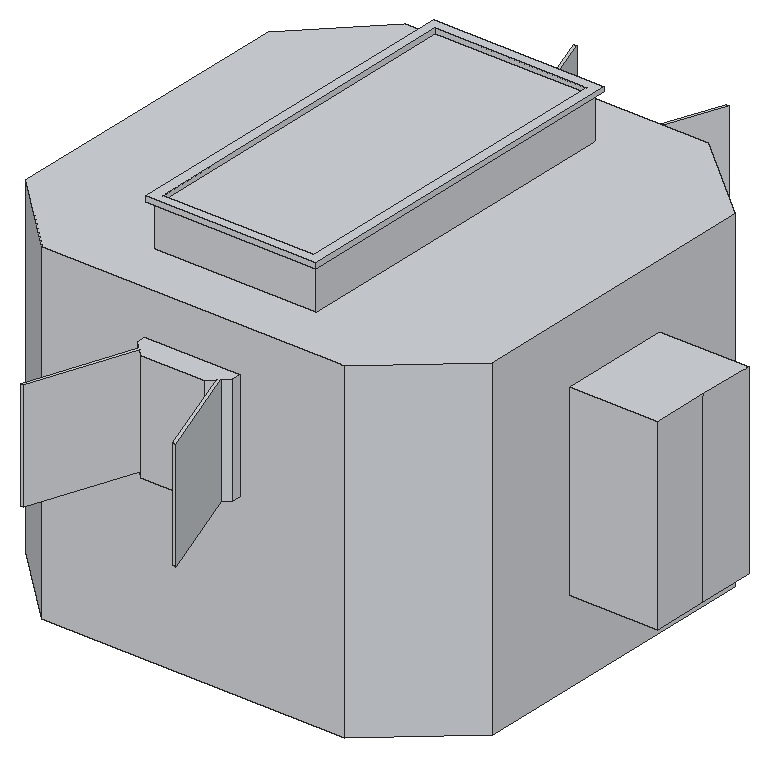
Revit family "D4646", category Lighting Fixtures, host Face, Revit 2012
Parameters
  Wattage Comments = "100"
  Wattage = 9.2903 W
  WIDTH = 2' - 0"
  built-in parameter 1150110 = 1 (stored number, unit not read)
  Voltage = 0 V
  built-in parameter 1114217 = 1 (stored number, unit not read)
  Tilt Angle = 90.00°
  built-in parameter 1150109 = 1 (stored number, unit not read)
  built-in parameter 1150134 = 3
  built-in parameter 1150113 = 1 (stored number, unit not read)
  Product Page URL = "http://www.kurtversen.com/products/d4516"
  Product Documentation Link = "http://www.kurtversen.com/products/d4516"
  Power Factor = 1
  Photometric Web File = "generic"
  Number of Poles = 1
  built-in parameter 1150142 = (empty or 0)
  Model = "D4646"
  Manufacturer = "Kurt Versen"
  built-in parameter 1150105 = 109.82 (stored number, unit not read)
  Lumens = 1380 lm
  built-in parameter 1150115 = 1 (stored number, unit not read)
  built-in parameter 1150137 = (empty or 0)
  built-in parameter 1150139 = (empty or 0)
  built-in parameter 1150112 = 1 (stored number, unit not read)
  built-in parameter 1150114 = 1 (stored number, unit not read)
  Lamp = "F32T8"
  LEGNTH = 4' - 6"
  built-in parameter 1150132 = (empty or 0)
  built-in parameter 1150102 = (empty or 0)
  built-in parameter 1150107 = 3200 (stored number, unit not read)
  built-in parameter 1150138 = (empty or 0)
  built-in parameter 1150106 = 1.0982 (stored number, unit not read)
  IES FILE LINK = "http://www.kurtversen.com/products/d4516"
  built-in parameter 1150104 = 13.8 (stored number, unit not read)
  Dimming Lamp Color Temperature Shift = (empty or 0)
  Default Elevation = 4' - 0"
  Color Filter = 16777215
  built-in parameter 1114218 = 1 (stored number, unit not read)
  built-in parameter 1150133 = 10 (stored number, unit not read)
  Apparent Load = 0 VA
Reference planes (in)
  plane 1 "Center (Front/Back)": y = 0
  plane 2: z = 0
  plane 3 "Center (Left/Right)": x = 0
  plane 4: y = 6
  plane 5: y = -6
  plane 6: x = -4
  plane 7: y = 4
  plane 8: x = 4
  plane 9: y = 4
  plane 10: x = 4
  plane 11: y = -4
  plane 12: x = -4
  plane 13: y = -4
  plane 14: y = 9.125
Forms (in)
  Extrusion 1, solid
    sketch origin (0, 0, 0) x (1, 0, 0) y (0, 1, 0)
      loop
        line (-2.25, 4.75) -> (-2.25, -4.75) -> (2.25, -4.75) -> (2.25, 4.75) -> (-2.25, 4.75)
    from 0 to 0.125
  Extrusion 2, void
    sketch origin (0, 0, 0) x (1, 0, 0) y (0, 1, 0)
      loop
        line (-2, 4.5) -> (-2, -4.5) -> (2, -4.5) -> (2, 4.5) -> (-2, 4.5)
    from 0 to 0.125
  Extrusion 3, solid
    sketch origin (1.3125, 0, 0) x (1, 0, 0) y (0, 1, 0)
      loop
        line (-8.3125, 2) -> (-8.3125, -2) -> (-7.3125, -2) -> (-7.3125, 2) -> (-8.3125, 2)
    from -5.83298 to -9.44516
  Extrusion 4, solid
    sketch origin (0, 0, 0) x (1, 0, 0) y (0, 1, 0)
      loop
        line (8.66462, 0) -> (8.66462, 1.5) -> (6.3125, 1.5) -> (6.3125, -1.5) -> (8.66462, -1.5) -> (8.66462, 0)
    from -2.80815 to -7.71249
  Extrusion 5, solid
    sketch origin (0, 0, 0) x (1, 0, 0) y (0, 1, 0)
      loop
        line (-6, 4) -> (-6, -4) -> (-4, -6) -> (4, -6) -> (6.3125, -4) -> (6.3125, 4) -> (4, 6) -> (-4, 6) -> (-6, 4)
    from -1.13422 to -9.9375
  Extrusion 6, solid
    sketch origin (0, 0, 0) x (1, 0, 0) y (0, 1, 0)
      loop
        line (1.25, 6) -> (1.25, 6.25) -> (1.07322, 6.42678) -> (2.0553, 9.125) -> (1.97119, 9.125) -> (1.01156, 6.48844) -> (0.83479, 6.66521) -> (-0.83479, 6.66521) -> (-1.01156, 6.48844) -> (-1.97119, 9.125) -> (-2.0553, 9.125) -> (-1.07322, 6.42678) -> (-1.25, 6.25) -> (-1.25, 6) -> (1.25, 6)
    from -2.31046 to -5.19909
  Extrusion 7, solid
    sketch origin (0, 0, 0) x (1, 0, 0) y (0, 1, 0)
      loop
        line (1.25, -6) -> (-1.25, -6) -> (-1.25, -6.25) -> (-1.07322, -6.42678) -> (-2.0553, -9.125) -> (-1.97119, -9.125) -> (-1.01156, -6.48844) -> (-0.83479, -6.66521) -> (0.83479, -6.66521) -> (1.01156, -6.48844) -> (1.97119, -9.125) -> (2.0553, -9.125) -> (1.07322, -6.42678) -> (1.25, -6.25) -> (1.25, -6)
    from -2.31046 to -5.19909
  Extrusion 8, solid
    sketch origin (0, 0, 0) x (1, 0, 0) y (0, 1, 0)
      loop
        line (-2.11834, 4.59851) -> (-2.11834, -4.59602) -> (2.13166, -4.59602) -> (2.13166, 4.59851) -> (-2.11834, 4.59851)
    from 0 to -1.81621
Cuts and joins
  Extrusion 2 cuts Extrusion 1
Dimensions and locks (in)
  aligned and locked: plane 2 to host face
  aligned and locked: level to host face
Connectors (in)
  electrical at (0, 0, 0), driven by "Number of Poles", driven by "Voltage", driven by "Apparent Load", driven by "Power Factor"
    settings: on host face, index 1, voltage 0 V, apparent load 0 VA, apparent load phase1 0 VA, apparent load phase2 0 VA, apparent load phase3 0 VA, power factor 1, load classification "Other", number of poles 1, system type 31, power factor state 1, is connector primary yes, connector utility yes, sub classification motor no, connector description "Power"
